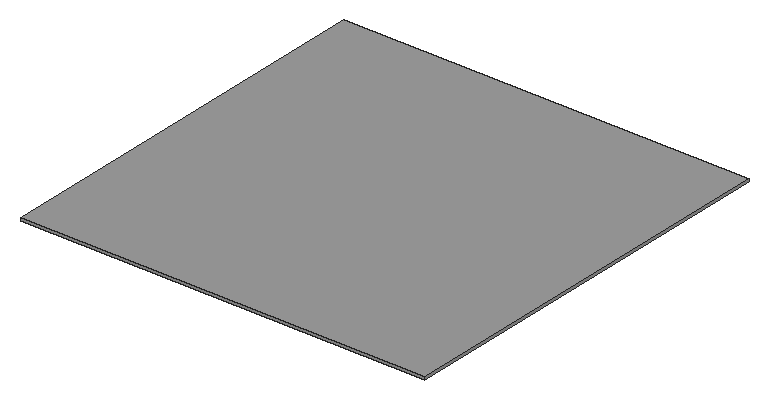
Revit family "WM-MN Unskimmend Family 25mm", category Generic Models, host Ceiling, Revit 2017
Family settings
  Host = Ceiling
  Can host rebar = No
  Round Connector Dimension = Use Diameter
  Part Type = Normal
  Always vertical = Yes
  Cut with Voids When Loaded = No
  Shared = No
  Room Calculation Point = No
Parameters (values of type "Lambdaboard")
  Width = 4000 mm
  URL = "www.rigifoam.com"
  Type Comments = "duncan@rigifoam.com"
  Thermal Resistance = 1.0400 (m²·K)/W
  Thermal Conductivity = 0.0240 W/(m·K)
  Model = "WM/MN Unskimmend 25mm"
  Material = Polyisocyanurate
  Manufacturer = "Lambdaboard"
  Length = 4000 mm
  Description = "Flexible PIR Insulation"
  Depth = 25 mm
  Density = 40.0000 kg/m³
Reference planes
  plane 1 "Center (Front/Back)": y = 0
  plane 2: z = 0
  plane 3 "Center (Left/Right)": x = 0
  plane 4 "Ceiling": z = 4000
Forms (mm)
  Extrusion 1, solid, material "Polyisocyanurate" <- "Material"
    sketch origin (0, 0, 4000) x (0, 1, 0) y (-1, 0, 0)
      loop
        line (2000, 2000) -> (-2000, 2000) -> (-2000, -2000) -> (2000, -2000) -> (2000, 2000)
    from -25 to 0
Dimensions and locks
  equal spacing: host sketch curve, plane 3 "Center (Left/Right)", host sketch curve
  equal spacing: host sketch curve, plane 1 "Center (Front/Back)", host sketch curve
  host sketch curve to host sketch curve = 4000 mm  (x2)
  plane 4 "Ceiling" to host ceiling = 0 mm
  "Length": Extrusion 1 to Extrusion 1
  equal spacing: Extrusion 1, plane 3 "Center (Left/Right)", Extrusion 1
  "Width": Extrusion 1 to Extrusion 1
  "Depth": Extrusion 1 to Extrusion 1
Automatic sketch dimensions
  plane 1 "Center (Front/Back)" to Extrusion 1 sketch curve = 2000 mm
  Extrusion 1 sketch curve to plane 1 "Center (Front/Back)" = 2000 mm
  plane 3 "Center (Left/Right)" to Extrusion 1 sketch curve = 2000 mm
  Extrusion 1 sketch curve to plane 3 "Center (Left/Right)" = 2000 mm
